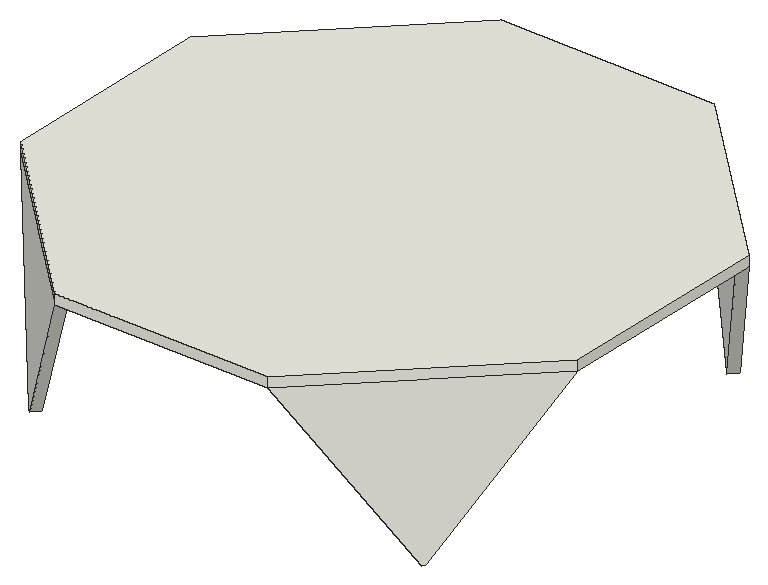
Revit family
Parameters (values of type "42" x 42"")
  Width = 3' - 6"
  URL = "http://elanbydecca.com/"
  Base [instance] = Furniture - DECCA (Elan) - Rottet - Base
  Product URL = "http://elanbydecca.com/PDFs/elan_tearsheet-rottet.pdf"
  Model = "LR CT103"
  Manufacturer = "Decca Contract"
  Height = 1' - 1"
  Description = "Rottet Nesting Table"
  Depth = 3' - 6"
  Assembly Description = "Furniture & Accessories"
  Assembly Code = "E2020200"
Types (5): name | Width | Model | Depth
  (no name) | 3' - 6" | "LR CT103" | 3' - 6"
  66" x 48" | 5' - 6" | "LR CT100" | 4' - 0"
  54" x 42" | 4' - 6" | "LR CT101" | 3' - 6"
  48" x 48" | 4' - 0" | "LR CT102" | 4' - 0"
  42" x 42" | 3' - 6" | "LR CT103" | 3' - 6"
Reference planes (in)
  plane 1 "Center Front/Back": y = -0.7524
  plane 2: z = 0
  plane 3 "Center Left/Right": x = 0
  plane 4 "L": x = -21
  plane 5 "R": x = 21
  plane 6 "F": y = -21.7524
  plane 7: y = 20.2476
  plane 8: through (-6.25338, 2.33237, 23.38953) normal (0.4297, -0.4297, 0.7941)
  plane 9: z = 13
  plane 10: z = 12.25
  plane 11: z = 11.5
Forms (in)
  Extrusion 1, solid, material "Furniture - DECCA (Elan) - Rottet - Base" <- "Base"
    sketch origin (0, 0, 21.3125) x (-1, 0, 0) y (0, -1, 0)
      loop
        line (8.01182, -20.2476) -> (21, -7.25942) -> (21, 8.76422) -> (8.01182, 21.7524) -> (-8.01182, 21.7524) -> (-21, 8.76422) -> (-21, -7.25942) -> (-8.01182, -20.2476) -> (8.01182, -20.2476)
    from -9.0625 to -8.3125
  Blend 2, solid, material "Furniture - DECCA (Elan) - Rottet - Base" <- "Base"
    base sketch origin (4.52461, 4.52461, 21.3125) x (-1, 0, 0) y (0, -1, 0)
      loop
        line (19.46852, 20.04414) -> (19.29174, 20.22092) -> (18.76141, 19.69059) -> (18.93819, 19.51381) -> (19.46852, 20.04414)
    top sketch origin (4.52461, 4.52461, 21.3125) x (-1, 0, 0) y (0, -1, 0)
      loop
        line (25.52461, 13.28883) -> (12.53643, 26.27701) -> (12.0061, 25.74668) -> (24.99428, 12.7585) -> (25.52461, 13.28883)
    from -21.3125 to -9.0625
  Blend 3, solid, material "Furniture - DECCA (Elan) - Rottet - Base" <- "Base"
    base sketch origin (-4.52461, 4.52461, 21.3125) x (1, 0, 0) y (0, 1, 0)
      loop
        line (19.46852, -20.04414) -> (18.93819, -19.51381) -> (18.76141, -19.69059) -> (19.29174, -20.22092) -> (19.46852, -20.04414)
    top sketch origin (-4.52461, 4.52461, 21.3125) x (1, 0, 0) y (0, 1, 0)
      loop
        line (25.52461, -13.28883) -> (24.99428, -12.7585) -> (12.0061, -25.74668) -> (12.53643, -26.27701) -> (25.52461, -13.28883)
    from -21.3125 to -9.0625
  Blend 4, solid, material "Furniture - DECCA (Elan) - Rottet - Base" <- "Base"
    base sketch origin (-4.52461, -6.02941, 21.3125) x (1, 0, 0) y (0, 1, 0)
      loop
        line (19.46852, 20.04414) -> (19.29174, 20.22092) -> (18.76141, 19.69059) -> (18.93819, 19.51381) -> (19.46852, 20.04414)
    top sketch origin (-4.52461, -6.02941, 21.3125) x (1, 0, 0) y (0, 1, 0)
      loop
        line (25.52461, 13.28883) -> (12.53643, 26.27701) -> (12.0061, 25.74668) -> (24.99428, 12.7585) -> (25.52461, 13.28883)
    from -21.3125 to -9.0625
  Blend 5, solid, material "Furniture - DECCA (Elan) - Rottet - Base" <- "Base"
    base sketch origin (4.52461, -6.02941, 21.3125) x (-1, 0, 0) y (0, -1, 0)
      loop
        line (19.46852, -20.04414) -> (18.93819, -19.51381) -> (18.76141, -19.69059) -> (19.29174, -20.22092) -> (19.46852, -20.04414)
    top sketch origin (4.52461, -6.02941, 21.3125) x (-1, 0, 0) y (0, -1, 0)
      loop
        line (25.52461, -13.28883) -> (24.99428, -12.7585) -> (12.0061, -25.74668) -> (12.53643, -26.27701) -> (25.52461, -13.28883)
    from -21.3125 to -9.0625
  Extrusion 6, solid, material "Furniture - DECCA (Elan) - Rottet - Base" <- "Base"
    sketch origin (0, 0, 21.3125) x (-1, 0, 0) y (0, -1, 0)
      loop
        line (14.77494, 14.98928) -> (14.23688, 15.52734) -> (0, 1.21174) -> (-14.23688, 15.52734) -> (-14.77494, 14.98928) -> (-0.64934, 0.7524) -> (-14.77494, -13.48448) -> (-14.23688, -14.02254) -> (0, 0.29306) -> (14.23688, -14.02254) -> (14.77494, -13.48448) -> (0.64934, 0.7524) -> (14.77494, 14.98928)
    from -9.8125 to -9.0625
Cuts and joins
  joined: Extrusion 1, Blend 2, Blend 3, Blend 4, Blend 5, Extrusion 6
Dimensions and locks (in)
  equal spacing: plane 4 "L", plane 3 "Center Left/Right", plane 5 "R"
  equal spacing: plane 7, plane 1 "Center Front/Back", plane 6 "F"
  "Width": plane 4 "L" to plane 5 "R"
  "Depth": plane 7 to plane 6 "F"
  "Height": plane 9 to level
  locked: plane 9 to plane 10 at 0.75
  locked: plane 10 to plane 11 at 0.75
  locked: plane 4 "L" to Extrusion 1 sketch curve at 12.98818  (x2)
  locked: Extrusion 1 sketch curve to plane 5 "R" at 12.98818  (x2)
  locked: Extrusion 1 sketch curve to plane 6 "F" at 12.98818  (x2)
  locked: plane 7 to Extrusion 1 sketch curve at 12.98818  (x2)
  aligned and locked: Extrusion 1 to plane 10
  aligned and locked: plane 9 to Extrusion 1
  aligned and locked: plane 10 to Blend 2
  aligned and locked: Extrusion 1 sketch curve to plane 4 "L"
  aligned and locked: Extrusion 1 sketch curve to plane 7
  aligned and locked: Extrusion 1 sketch curve to plane 6 "F"
  aligned and locked: plane 5 "R" to Extrusion 1 sketch curve
  aligned and locked: cut or joined group of Extrusion 1, Blend 2, Blend 3, Blend 4, Blend 5, Extrusion 6 to Extrusion 6 sketch curve  (x4)
  aligned and locked: plane 11 to Extrusion 6
  aligned and locked: plane 10 to Extrusion 6
Automatic sketch dimensions
  plane 4 "L" to Blend 2 sketch curve = 0' - 6.7632"
  Blend 2 sketch curve to Blend 2 sketch curve = 0' - 0.17678"  (x2)
  Blend 2 sketch curve to Blend 2 sketch curve = 0' - 0.53033"  (x2)
  plane 6 "F" to Blend 2 sketch curve = 0' - 6.7632"
  Blend 2 sketch curve to plane 6 "F" = 0' - 0"
  Blend 2 sketch curve to plane 4 "L" = 0' - 0"
  plane 4 "L" to Blend 2 sketch curve = 0' - 0.53033"
  plane 4 "L" to Blend 2 sketch curve = 1' - 0.98818"
  plane 5 "R" to Blend 3 sketch curve = 0' - 6.7632"
  Blend 3 sketch curve to Blend 3 sketch curve = 0' - 0.17678"  (x2)
  Blend 3 sketch curve to Blend 3 sketch curve = 0' - 0.53033"  (x2)
  plane 6 "F" to Blend 3 sketch curve = 0' - 6.05609"
  Blend 3 sketch curve to plane 6 "F" = 0' - 0"
  Blend 3 sketch curve to plane 5 "R" = 0' - 0"
  plane 5 "R" to Blend 3 sketch curve = 0' - 0.53033"
  plane 5 "R" to Blend 3 sketch curve = 1' - 0.98818"
  plane 5 "R" to Blend 4 sketch curve = 0' - 6.7632"
  Blend 4 sketch curve to Blend 4 sketch curve = 0' - 0.17678"  (x2)
  Blend 4 sketch curve to Blend 4 sketch curve = 0' - 0.53033"  (x2)
  Blend 4 sketch curve to plane 7 = 0' - 6.7632"
  Blend 4 sketch curve to plane 7 = 0' - 0"
  Blend 4 sketch curve to plane 5 "R" = 0' - 0"
  plane 5 "R" to Blend 4 sketch curve = 0' - 0.53033"
  plane 5 "R" to Blend 4 sketch curve = 1' - 0.98818"
  plane 4 "L" to Blend 5 sketch curve = 0' - 6.7632"
  Blend 5 sketch curve to Blend 5 sketch curve = 0' - 0.17678"  (x2)
  Blend 5 sketch curve to Blend 5 sketch curve = 0' - 0.53033"  (x2)
  Blend 5 sketch curve to plane 7 = 0' - 6.05609"
  Blend 5 sketch curve to plane 7 = 0' - 0"
  Blend 5 sketch curve to plane 4 "L" = 0' - 0"
  plane 4 "L" to Blend 5 sketch curve = 0' - 0.53033"
  plane 4 "L" to Blend 5 sketch curve = 1' - 0.98818"
  plane 6 "F" to Extrusion 6 sketch curve = 0' - 6.22506"  (x2)
  Extrusion 6 sketch curve to plane 7 = 0' - 6.22506"  (x2)
  plane 1 "Center Front/Back" to Extrusion 6 sketch curve = 0' - 0.45934"
  Extrusion 6 sketch curve to plane 3 "Center Left/Right" = 0' - 0"  (x2)
  Extrusion 6 sketch curve to plane 3 "Center Left/Right" = 0' - 0.64934"
  plane 1 "Center Front/Back" to Extrusion 6 sketch curve = 0' - 0"  (x2)
  Extrusion 6 sketch curve to Extrusion 6 sketch curve = 0' - 0.53806"  (x4)
  plane 3 "Center Left/Right" to Extrusion 6 sketch curve = 0' - 0.64934"
  Extrusion 6 sketch curve to plane 1 "Center Front/Back" = 0' - 0.45934"
